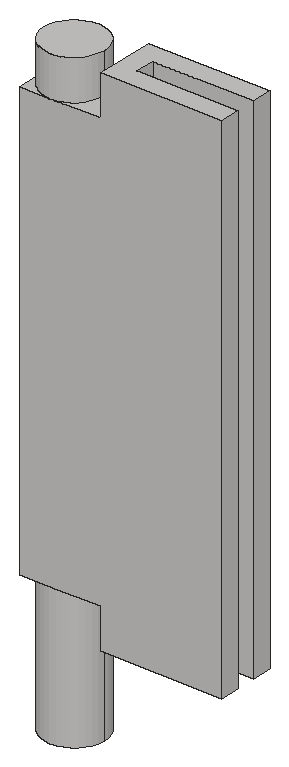
Revit family "CAME_КомплектКрепления_Створки_PSWLC", category Специальное оборудование, Revit 2019
Family settings
  Размер круглого соединителя = Использовать диаметр
  Тип детали = Нормальный
  На основе рабочей плоскости = Нет
  Всегда вертикально = Да
  При загрузке вырезать с полостями = Нет
  Общий = Да
  Точка расчета площади = Нет
Parameters (values of type "PSWLC")
  Описание = "Стальной зажим с уплотнителями для крепления самостоятельно изготовленной створки из стекла 8-10 мм. *доступно изготовление и поставка заказных створок — от 5 рабочих дней."
  Изготовитель = "CAME"  # constant formula
  Группа модели = "Турникеты"
  Watermark [instance] = "Модели защищены уникальным кодом"
  URL = "https://camerussia.com"
  BL_Разработано = "support@bimlib.pro"  # constant formula
  BL_Email = "cru.info@came.com"  # constant formula
  BL_BIM library = "https://bimlib.pro/manufacturer/came/cf0b6efe-31e5-4ffa-b7ea-1d6fa84041d4/?tab=products"
  ADSK_Обозначение = "ТУ 26.30.50-001-89603926-2021"  # constant formula
  ADSK_Наименование краткое = "Комплект крепления дизайн. створки WING 40"  # constant formula
  ADSK_Наименование = "Комплект крепления сторонней (дизайнерской) створки для WING 40"  # constant formula
  ADSK_Масса_Текст = "2.76"  # constant formula
  ADSK_Масса = 2.76  # constant formula
  ADSK_Марка = "АРТ: 001PSWLC"  # constant formula
  ADSK_Количество = 1  # constant formula
  ADSK_Код изделия = "Код КСР 26.30.50.119.61.2.07.09"  # constant formula
  ADSK_Завод-изготовитель = "CAME"  # constant formula
  ADSK_Единица измерения = "шт."  # constant formula
  ADSK_Группирование = "WING"  # constant formula
  ADSK_Версия семейства = "1.0"  # constant formula
  ADSK_Версия Revit = "2019"  # constant formula
  ADSK_URL страницы изделия = "https://camerussia.com/product/001pswlc/"
  ADSK_URL документации изделия = "https://camerussia.com/uploads/support/instructions/files/119G3717.pdf"
Reference planes
  plane 1 "По центру (Вперед/Назад)": y = 0
  plane 2: z = 0
  plane 3 "По центру (Влево/Вправо)": x = 0
  plane 4: z = 257
  plane 5: z = 343
  plane 6: z = 237
  plane 7: z = 20
Forms (mm)
  Extrusion 1, solid, material "CAME_Сталь_Нержавеющая_AISI 304", detail levels fine
    sketch origin (0, 0, 0) x (1, 0, 0) y (0, 1, 0)
      loop
        line (-15, -15) -> (85, -15) -> (85, -5) -> (35, -5) -> (35, 5) -> (85, 5) -> (85, 15) -> (-15, 15) -> (-15, -15)
    from 20 to 237
  Extrusion 2, solid, material "CAME_Сталь_Нержавеющая_AISI 304", detail levels fine
    sketch origin (0, 0, 0) x (1, 0, 0) y (0, 1, 0)
      loop
        circle (0, 0) r 15
    from -50 to 257
  Extrusion 3, solid, material "CAME_Сталь_Нержавеющая_AISI 304", detail levels fine
    sketch origin (0, 0, 0) x (1, 0, 0) y (0, 1, 0)
      loop
        line (35, -5) -> (35, 5) -> (85, 5) -> (85, 15) -> (25, 15) -> (25, -15) -> (85, -15) -> (85, -5) -> (35, -5)
    from 0 to 257
Cuts and joins
  joined: Extrusion 1, Extrusion 2, Extrusion 3
Dimensions and locks
  locked: plane 4 to plane 2 at 257
  locked: plane 5 to plane 4 at 86
  locked: plane 4 to plane 6 at 20
  locked: plane 7 to plane 2 at 20
  locked: plane 3 "По центру (Влево/Вправо)" to Extrusion 3 sketch curve at 25
  aligned and locked: level to plane 2
  aligned and locked: plane 7 to Extrusion 1
  aligned and locked: Extrusion 1 to plane 6
  aligned and locked: plane 4 to Extrusion 2
  aligned and locked: Extrusion 3 sketch curve to Extrusion 1  (x6)
  aligned and locked: Extrusion 1 to Extrusion 3 sketch curve
  aligned and locked: plane 4 to Extrusion 3
  aligned and locked: Extrusion 3 to level
